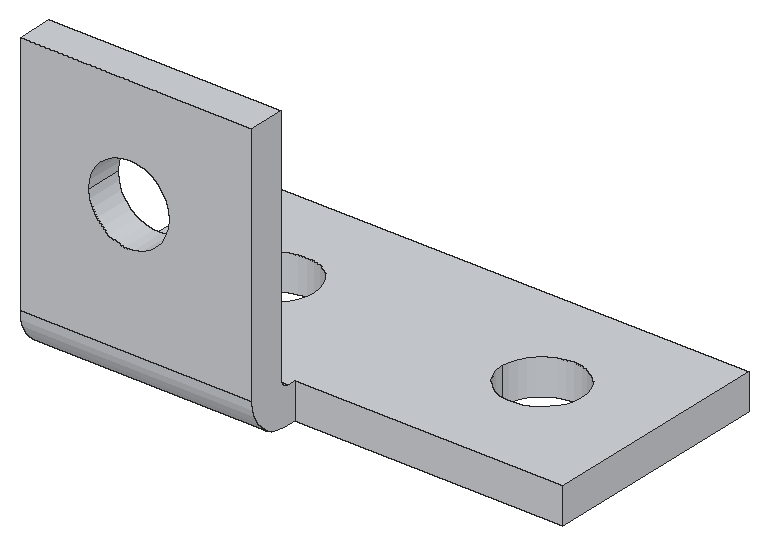
Revit family "Fitting-Ninety_Degree_Angle-Unistrut-P1038", category Specialty Equipment, Revit 2012
Parameters
  ecoScorecard_data = "http://products.ecoscorecard.com/atkore/P1038"
  ecoScorecard Product Page = "http://products.ecoscorecard.com/atkore/P1038?action=html"
  Weight Per Piece = 0.58 lbf
  Unit = none
  Unistrut Part Number = "P1038"  # constant formula
  URL = "http://unistrut.us/index.php"
  Thickness = 1/4"  # constant formula
  Subcategory = "Nintey Degree Angle Fittings"  # constant formula
  Product Page URL = "http://unistrut.us/index.php?WP=cat_detail&S=S05&P=P1038"
  Part Type = "Fitting"  # constant formula
  Overall Width = 3 1/2"  # constant formula
  Overall Length = 1 5/8"  # constant formula
  Overall Height = 2"  # constant formula
  Model = "P1038"  # constant formula
  Material = ""
  Manufacturer Phone - Toll Free = "800-882-5543"  # constant formula
  Manufacturer Phone = "708-339-1610"  # constant formula
  Manufacturer Fax = "708-339-7814"  # constant formula
  Manufacturer Email = "mailto:jshaw@atkore.com"
  Manufacturer Address = "16100 South Lathrop Avenue, Harvey, IL 60426"  # constant formula
  Manufacturer = "Unistrut by Atkore International"  # constant formula
  Load Capacity Note = "Visit the product page for load application and capacity."  # constant formula
  Literature URL = "http://unistrut.us/index.php?WP=LItLibrary"
  Hole Diameter = 9/16"  # constant formula
  Cost Info = "mailto:jshaw@atkore.com"
  CAD URL = "http://unistrut.us/index.php?WP=CAD3d"
  Assembly Code = "D5020100"
  95 CSI = "16070"  # constant formula
  04 CSI = "26 05 48"  # constant formula
Reference planes (in)
  plane 1 "Center (Front/Back)": y = 0
  plane 2: z = 0
  plane 3 "Center (Left/Right)": x = 0
  plane 4: y = -2
  plane 5: x = -1.75
  plane 6: x = 1.75
  plane 7: y = -1
  plane 8: y = -0.78972
  plane 9: x = 0.9375
  plane 10: x = -0.9375
  plane 11: z = 1.22009
Dimensions and locks (in)
  plane 1 "Center (Front/Back)" to plane 4 = 2"
  plane 5 to plane 6 = 3 1/2"
  equal spacing: plane 5, plane 3 "Center (Left/Right)", plane 6
  "Overall Length": nested 1 to plane 1 "Center (Front/Back)"
  "Overall Length": plane 5 to nested 1
  "Overall Height": nested 1 to plane 2
  aligned and locked: level to plane 2
  aligned and locked: plane 1 "Center (Front/Back)" to nested 1
  aligned and locked: plane 3 "Center (Left/Right)" to nested 1
Nested families (in)
  nested 1: "1038" at (0, 0, 0), type "1038"
Definition of nested family "1038"
  Parameters (values of type "1038")
    Width = 3 1/2"
    Unit = none
    URL = ""
    Manufacturer = ""
    Length = 1 5/8"
    Hole Radius = Hole Diameter / 2  # 9/32"
    Hole Diameter = 9/16"
    Height = 2"
    Assembly Code = ""
  Reference planes (in)
    plane 1 "Center (Front/Back)": y = 0
    plane 2: z = 0
    plane 3 "Center (Left/Right)": x = 0
    plane 4: y = -2
    plane 5: x = -1.75
    plane 6: x = 1.75
    plane 7: x = 0.9626
  Forms (in)
    Extrusion 1, solid, material <- "Unit"
      sketch origin (-0.69459, -1.41732, 0) x (1, 0, 0) y (0, 1, 0)
        loop
          line (2.44459, 1.41732) -> (-1.05541, 1.41732) -> (-1.05541, -0.20768) -> (2.44459, -0.20768) -> (2.44459, 1.41732)
      from 0 to 0.25
    Extrusion 2, void
      sketch origin (0, 0, 0) x (1, 0, 0) y (0, 1, 0)
        loop
          circle (-0.9375, -0.78972) r 0.28125
        loop
          circle (0.9375, -0.78972) r 0.28125
      from 0 to 0.25
    Extrusion 3, solid, material <- "Unit"
      sketch origin (0.71625, -1.52756, 0) x (0, 0, 1) y (0, -1, 0)
        loop
          line (2, 0.22244) -> (2, 0.47244) -> (0.28316, 0.47244)
          arc (0.28316, 0.47244) -> (0.08293, 0.38951) -> (0, 0.18929) r 0.28316
          line (0, 0.18929) -> (0, 0.09744) -> (0.25, 0.09744) -> (0.25, 0.15491)
          arc (0.25, 0.15491) -> (0.26978, 0.20266) -> (0.31753, 0.22244) r 0.06753
          line (0.31753, 0.22244) -> (2, 0.22244)
      from -2.46625 to -0.84125
    Extrusion 4, void
      sketch origin (0, 0, 0) x (-1, 0, 0) y (0, 0, -1)
        loop
          circle (0.98604, -1.22009) r 0.28125
      from 1.75 to 2
  Cuts and joins
    Extrusion 2 cuts Extrusion 1
    Extrusion 4 cuts Extrusion 3
    joined: Extrusion 1, Extrusion 3
  Dimensions and locks (in)
    "Width": plane 5 to plane 6
    "Length": cut or joined group of Extrusion 1, Extrusion 2, Extrusion 3, Extrusion 4 to plane 1 "Center (Front/Back)"
    locked: cut or joined group of Extrusion 1, Extrusion 2, Extrusion 3, Extrusion 4 to plane 2 at 0.25
    "Length": plane 5 to cut or joined group of Extrusion 1, Extrusion 2, Extrusion 3, Extrusion 4
    "Height": cut or joined group of Extrusion 1, Extrusion 2, Extrusion 3, Extrusion 4 to plane 2
    "Hole Radius": radius of Extrusion 2 sketch curve  (x2)
    "Hole Radius": radius of Extrusion 4 sketch curve
    aligned and locked: level to plane 2
    aligned and locked: cut or joined group of Extrusion 1, Extrusion 2, Extrusion 3, Extrusion 4 to Extrusion 3 sketch curve
    aligned and locked: plane 4 to Extrusion 4
    aligned and locked: Extrusion 3 to Extrusion 4
    aligned and locked: Extrusion 1 to Extrusion 2
  Automatic sketch dimensions
    plane 1 "Center (Front/Back)" to Extrusion 1 sketch curve = 0"
    Extrusion 1 sketch curve to plane 5 = 0"
    Extrusion 1 sketch curve to plane 6 = 0"
    Extrusion 1 sketch curve to plane 4 = 3/8"
    Extrusion 2 sketch curve to plane 5 = 13/16"
    Extrusion 2 sketch curve to plane 7 = 0.0251"
    plane 1 "Center (Front/Back)" to Extrusion 2 sketch curve = 0.78972"  (x2)
    Extrusion 3 sketch curve to level = 0"
    Extrusion 3 sketch curve to plane 4 = 0"
    level to Extrusion 3 sketch curve = 1/4"
    Extrusion 3 sketch curve to Extrusion 3 sketch curve = 0.03316"
    Extrusion 3 sketch curve to Extrusion 3 sketch curve = 0.03437"  (x2)
    Extrusion 3 sketch curve to Extrusion 3 sketch curve = 1.68247"
    plane 5 to Extrusion 4 sketch curve = 0.76396"
    Extrusion 4 sketch curve to level = 1.22009"
